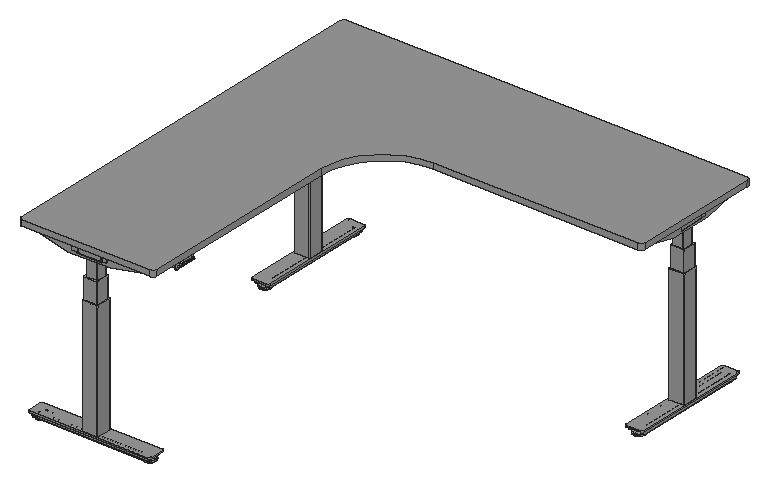
Revit family "3-Leg upCentric_72x72_Left", category Furniture, Revit 2014
Parameters
  baseHeight = 22.09281"
  Width = 29.6063"
  Total_Hieght = 32"
  Top_width = 48"
  Top_Depth = 30"
  Table_Top = Metal Top
  Length = 45.51181"
  Height = 30"
  Frame_Material = Metal Black
  Extend H = 0.24369"
  E Rdaius = 11"
  D_Length = 23"
  C_Length = 32"
  Button_right [instance] = yes
  Button_left [instance] = no
  BoltH = 0.09503"
  BoltEnd = 2.53949"
  BLength = 65"
  ALength = 48"
Reference planes (in)
  plane 1 "Center Front/Back": y = 0
  plane 2: z = 0
  plane 3 "Center Left/Right": x = 0
Dimensions and locks (in)
  nested 1 to nested 1 = 72"  (x2)
  nested 1 to nested 1 = 24"
  aligned and locked: level to plane 2
Nested families (in)
  nested 1: "3-Leg upCentric_72x72_Left" at (0, 0, 0), Button_right <- "Button_right", Button_left <- "Button_left", type "48"x60"x24"x30"x11""
    with Button_right yes, Button_left no
Definition of nested family "3-Leg upCentric_72x72_Left"
  Parameters (values of type "48"x60"x24"x30"x11"")
    Width = 29.6063"
    TotalHeight = 32"
    TopWidth = 48"
    TopDepth = 30"
    TableTop = Metal Top
    Length = 45.51181"
    Hieght = 30"
    Frame = Metal Black
    Extend H = 0.24369"
    E Radius = 11"
    D Length = 23"
    ControlDirection = DarkGreen
    Control Screen = Default
    Control = Black
    C Length = 32"
    Button_right [instance] = yes
    Button_left [instance] = yes
    BoltH = 0.09503"
    BoltEnd = 2.53949"
    BaseHeight = 22.09281"
    B Length = 65"
    A Length = 48"
  Reference planes (in)
    plane 1 "Center (Front/Back)": y = 0
    plane 2: z = 0
    plane 3 "Center (Left/Right)": x = 0
    plane 4: x = 22.75591
    plane 5: x = -22.75591
    plane 6: y = 14.80315
    plane 7: y = -14.72441
    plane 8: x = -24
    plane 9: x = 24
    plane 10: z = 31
    plane 11: z = 32
    plane 12: y = 17.08643
    plane 13: z = 22.09281
    plane 14: z = 25.76029
    plane 15: z = 30.2126
    plane 16: z = 29.42777
    plane 17: z = 30.35564
    plane 18: y = -1.72123
    plane 19: y = -1.63294
    plane 20: y = -1.64701
    plane 21: y = -1.60169
    plane 22: y = -15.41357
    plane 23: y = -45.82715
    plane 24: y = -47.91357
    plane 25: y = -14.91357
    plane 26: x = -1
    plane 27: y = -14.33914
    plane 28: y = -44.60821
    plane 29: z = 30.90497
    plane 30: x = 57.5
  Forms (in)
    Extrusion 1, solid, material "Metal Black" <- "Frame"
      sketch origin (0, 0, 4.44291) x (-1, 0, 0) y (0, 0, -1)
        loop
          line (15.90551, -24.57874) -> (15.90551, -24.73622) -> (15.70866, -24.73622)
          arc (15.70866, -24.73622) -> (15.59731, -24.78235) -> (15.55118, -24.8937) r 0.15748
          line (15.55118, -24.8937) -> (15.55118, -25.70079) -> (16.155, -26.52041)
          arc (16.155, -26.52041) -> (16.18094, -26.54327) -> (16.21263, -26.55709) r 0.11146
          line (16.21263, -26.55709) -> (22.75591, -26.55709) -> (22.75591, -24.8937)
          arc (22.75591, -24.8937) -> (22.70978, -24.78235) -> (22.59843, -24.73622) r 0.15748
          line (22.59843, -24.73622) -> (22.55906, -24.73622) -> (22.55906, -24.57874) -> (15.90551, -24.57874)
      from -2.18504 to 2.14567
    Extrusion 2, void
      sketch origin (5.5, 0, 4.44291) x (-1, 0, 0) y (0, 0, -1)
        loop
          circle (21.46531, -25.93852) r 0.31475
      from -3.16929 to 3.12992
    Extrusion 3, solid, material "Metal Black" <- "Frame"
      sketch origin (0, 0, 4.43307) x (0, 1, 0) y (0, 0, 1)
        loop
          arc (-3.01602, 25.11024) -> (-2.98143, 25.02672) -> (-2.89791, 24.99213) r 0.11811
          line (-2.89791, 24.99213) -> (-2.14988, 24.99213)
          arc (-2.14988, 24.99213) -> (-2.06637, 25.02672) -> (-2.03177, 25.11024) r 0.11811
          line (-2.03177, 25.11024) -> (-2.03177, 26.44882)
          arc (-2.03177, 26.44882) -> (-2.06637, 26.53234) -> (-2.14988, 26.56693) r 0.11811
          line (-2.14988, 26.56693) -> (-2.89791, 26.56693)
          arc (-2.89791, 26.56693) -> (-2.98143, 26.53234) -> (-3.01602, 26.44882) r 0.11811
          line (-3.01602, 26.44882) -> (-3.01602, 25.11024)
      from -22.44094 to 46.38035
    Extrusion 4, solid, material "Metal Black" <- "Frame"
      sketch origin (0, 0.03993, 4.43307) x (0, -1, 0) y (0, 0, -1)
        loop
          line (-3.05118, -25.11024) -> (-3.05118, -26.44882)
          arc (-3.05118, -26.44882) -> (-3.01659, -26.53234) -> (-2.93307, -26.56693) r 0.11811
          line (-2.93307, -26.56693) -> (-2.18504, -26.56693)
          arc (-2.18504, -26.56693) -> (-2.10152, -26.53234) -> (-2.06693, -26.44882) r 0.11811
          line (-2.06693, -26.44882) -> (-2.06693, -25.11024)
          arc (-2.06693, -25.11024) -> (-2.10152, -25.02672) -> (-2.18504, -24.99213) r 0.11811
          line (-2.18504, -24.99213) -> (-2.93307, -24.99213)
          arc (-2.93307, -24.99213) -> (-3.01659, -25.02672) -> (-3.05118, -25.11024) r 0.11811
      from -22.44094 to 46.5
    Extrusion 5, void
      sketch origin (-5.5, 0, 4.43307) x (1, 0, 0) y (0, 0, 1)
        loop
          circle (21.46531, 25.93852) r 0.31475
      from -3.16929 to 3.12992
    Extrusion 6, void
      sketch origin (-6.58004, 0, 4.68242) x (1, 0, 0) y (0, 0, 1)
        loop
          line (21.05249, 26.34135) -> (20.84776, 26.34135) -> (20.84776, 26.19947)
          arc (20.84776, 26.19947) -> (20.95012, 26.09711) -> (21.05249, 26.19947) r 0.10236
          line (21.05249, 26.19947) -> (21.05249, 26.34135)
      from 1.94842 to 3.17104
    Extrusion 7, solid, material "Metal Black" <- "Frame"
      sketch origin (0, 0, 4.51181) x (1, 0, 0) y (0, 0, 1)
        loop
          line (2.58308, 24.92827) -> (11.1992, 24.92827)
          arc (11.1992, 24.92827) -> (11.50066, 25.05314) -> (11.62553, 25.35459) r 0.42633
          arc (11.62553, 25.35459) -> (11.6249, 25.39723) -> (11.62576, 25.43986) r 1.2294
          arc (11.62576, 25.43986) -> (11.63185, 25.66647) -> (11.6341, 25.89316) r 13.43424
          arc (11.6341, 25.89316) -> (11.63916, 26.171) -> (11.63313, 26.44882) r 6.97209
          arc (11.63313, 26.44882) -> (11.6216, 26.47666) -> (11.59376, 26.48819) r 0.03937
          line (11.59376, 26.48819) -> (2.18104, 26.48819)
          arc (2.18104, 26.48819) -> (2.15321, 26.47666) -> (2.14167, 26.44882) r 0.03937
          line (2.14167, 26.44882) -> (2.13401, 26.22943) -> (2.14915, 25.3622)
          arc (2.14915, 25.3622) -> (2.27625, 25.05536) -> (2.58308, 24.92827) r 0.43393
      from -2.1063 to 2.14567
    Extrusion 8, void
      sketch origin (0, 0, 26.52322) x (0, 1, 0) y (1, 0, 0)
        loop
          circle (-1.48893, 12.86331) r 0.14857
      from -4.47678 to -2.90455
    Extrusion 9, void
      sketch origin (0, 0.03125, 26.52322) x (0, 1, 0) y (1, 0, 0)
        loop
          circle (1.48893, 12.86331) r 0.14857
      from -4.47678 to -2.90455
    Extrusion 10, void
      sketch origin (-4.60752, 0, 26.52322) x (0, 1, 0) y (1, 0, 0)
        loop
          circle (-1.48893, 11.23831) r 0.14857
      from -4.47678 to -2.90197
    Extrusion 11, void
      sketch origin (-4.60752, 0.03125, 26.52322) x (0, 1, 0) y (1, 0, 0)
        loop
          circle (1.48893, 11.23831) r 0.14857
      from -4.47678 to -2.90455
    Extrusion 12, void
      sketch origin (-8.70258, 0, 26.52322) x (0, 1, 0) y (1, 0, 0)
        loop
          circle (-1.48893, 11.23831) r 0.14857
      from -4.47678 to -2.90455
    Extrusion 13, void
      sketch origin (-8.70258, 0.03125, 26.52322) x (0, 1, 0) y (1, 0, 0)
        loop
          circle (1.48893, 11.23831) r 0.14857
      from -4.47678 to -2.90455
    Extrusion 14, solid, material "Metal Black" <- "Frame"
      sketch origin (21.43604, -180, 28.36548) x (-1, 0, 0) y (0, -1, 0)
        loop
          arc (21.78856, -177.10209) -> (21.85712, -177.13048) -> (21.88551, -177.19904) r 0.09696
          line (21.88551, -177.19904) -> (21.88551, -178.54113)
          arc (21.88551, -178.54113) -> (21.85605, -178.61227) -> (21.78491, -178.64173) r 0.1006
          line (21.78491, -178.64173) -> (22.6201, -178.64173)
          arc (22.6201, -178.64173) -> (22.55375, -178.61425) -> (22.52626, -178.5479) r 0.09384
          line (22.52626, -178.5479) -> (22.52626, -177.23594)
          arc (22.52626, -177.23594) -> (22.56547, -177.14129) -> (22.66012, -177.10209) r 0.13385
          line (22.66012, -177.10209) -> (21.78856, -177.10209)
        loop
          circle (21.39442, -178.27877) r 0.1198
      from 2.53949 to 2.63452
    Revolve 15, solid, material "Metal Black" <- "Frame"
      sketch origin (0.16142, -1.72123, 52.45252) x (-1, 0, 0) y (0, 0, 1)
        loop
          line (0.00019, -21.37402) -> (-0.11411, -21.37402) -> (-0.13777, -21.39768) -> (-0.13777, -21.45276) -> (0.00019, -21.45276) -> (0.00019, -21.37402)
        axis (0.12467, -21.45276) -> (0.12467, -21.37402)
      angle from 0 to 360
    Extrusion 16, solid, material "Metal Black" <- "Frame"
      sketch origin (17.40479, -180, 28.36548) x (-1, 0, 0) y (0, -1, 0)
        loop
          line (21.77725, -177.72439) -> (20.98984, -177.72439) -> (20.98984, -178.66601)
          arc (20.98984, -178.66601) -> (21.01733, -178.73236) -> (21.08368, -178.75984) r 0.09384
          line (21.08368, -178.75984) -> (21.67665, -178.75984)
          arc (21.67665, -178.75984) -> (21.74778, -178.73038) -> (21.77725, -178.65924) r 0.1006
          line (21.77725, -178.65924) -> (21.77725, -177.72439)
        loop
          circle (21.38661, -178.36862) r 0.1198
      from 2.53949 to 2.63452
    Revolve 17, solid, material "Metal Black" <- "Frame"
      sketch origin (-3.70548, -1.63294, 48) x (1, 0, 0) y (0, 0, 1)
        loop
          line (-0.14892, -16.92149) -> (-0.14892, -17.00023) -> (-0.01095, -17.00023) -> (-0.01095, -16.94516) -> (-0.03462, -16.92149) -> (-0.14892, -16.92149)
        axis (-0.2734, -17.00023) -> (-0.2734, -16.92149)
      angle from 0 to 360
    Extrusion 18, solid, material "Metal Black" <- "Frame"
      sketch origin (21.38917, 180.10938, 28.36548) x (-1, 0, 0) y (0, -1, 0)
        loop
          line (21.78856, 177.06693) -> (22.66012, 177.06693)
          arc (22.66012, 177.06693) -> (22.56547, 177.10613) -> (22.52626, 177.20078) r 0.13385
          line (22.52626, 177.20078) -> (22.52626, 178.5479)
          arc (22.52626, 178.5479) -> (22.55375, 178.61425) -> (22.6201, 178.64173) r 0.09384
          line (22.6201, 178.64173) -> (21.78491, 178.64173)
          arc (21.78491, 178.64173) -> (21.85605, 178.61227) -> (21.88551, 178.54113) r 0.1006
          line (21.88551, 178.54113) -> (21.88551, 177.16389)
          arc (21.88551, 177.16389) -> (21.85712, 177.09533) -> (21.78856, 177.06693) r 0.09696
        loop
          circle (21.39442, 178.24362) r 0.1198
      from 2.53949 to 2.63452
    Revolve 19, solid, material "Metal Black" <- "Frame"
      sketch origin (0.11455, 1.86576, 52.45252) x (-1, 0, 0) y (0, 0, -1)
        loop
          line (0.00019, 21.37402) -> (0.00019, 21.45276) -> (-0.13777, 21.45276) -> (-0.13777, 21.39768) -> (-0.11411, 21.37402) -> (0.00019, 21.37402)
        axis (0.12467, 21.45276) -> (0.12467, 21.37402)
      angle from 0 to 360
    Extrusion 20, solid, material "Metal Black" <- "Frame"
      sketch origin (-23.96259, 180.12106, 28.36548) x (1, 0, 0) y (0, 1, 0)
        loop
          line (21.77725, -177.68923) -> (20.98984, -177.68923) -> (20.98984, -178.66601)
          arc (20.98984, -178.66601) -> (21.01733, -178.73236) -> (21.08368, -178.75984) r 0.09384
          line (21.08368, -178.75984) -> (21.67665, -178.75984)
          arc (21.67665, -178.75984) -> (21.74778, -178.73038) -> (21.77725, -178.65924) r 0.1006
          line (21.77725, -178.65924) -> (21.77725, -177.68923)
        loop
          circle (21.38661, -178.36862) r 0.1198
      from 2.53949 to 2.63452
    Revolve 21, solid, material "Metal Black" <- "Frame"
      sketch origin (-2.85233, 1.754, 48) x (-1, 0, 0) y (0, 0, 1)
        loop
          line (-0.14892, -16.92149) -> (-0.14892, -17.00023) -> (-0.01095, -17.00023) -> (-0.01095, -16.94516) -> (-0.03462, -16.92149) -> (-0.14892, -16.92149)
        axis (-0.2734, -17.00023) -> (-0.2734, -16.92149)
      angle from 0 to 360
    Extrusion 22, solid, material "Metal Black" <- "Frame"
      sketch origin (-12.69726, -23.26476, 4.43307) x (-1, 0, 0) y (0, 0, 1)
        loop
          arc (-3.05118, 25.11024) -> (-3.01659, 25.02672) -> (-2.93307, 24.99213) r 0.11811
          line (-2.93307, 24.99213) -> (-2.18504, 24.99213)
          arc (-2.18504, 24.99213) -> (-2.10152, 25.02672) -> (-2.06693, 25.11024) r 0.11811
          line (-2.06693, 25.11024) -> (-2.06693, 26.44882)
          arc (-2.06693, 26.44882) -> (-2.10152, 26.53234) -> (-2.18504, 26.56693) r 0.11811
          line (-2.18504, 26.56693) -> (-2.93307, 26.56693)
          arc (-2.93307, 26.56693) -> (-3.01659, 26.53234) -> (-3.05118, 26.44882) r 0.11811
          line (-3.05118, 26.44882) -> (-3.05118, 25.11024)
      from -35.86098 to 20.2815
    Extrusion 23, solid, material "Metal Black" <- "Frame"
      sketch origin (-12.69716, -23.26476, 4.43307) x (1, 0, 0) y (0, 0, -1)
        loop
          line (-3.05118, -25.11024) -> (-3.05118, -26.44882)
          arc (-3.05118, -26.44882) -> (-3.01659, -26.53234) -> (-2.93307, -26.56693) r 0.11811
          line (-2.93307, -26.56693) -> (-2.18504, -26.56693)
          arc (-2.18504, -26.56693) -> (-2.10152, -26.53234) -> (-2.06693, -26.44882) r 0.11811
          line (-2.06693, -26.44882) -> (-2.06693, -25.11281)
          arc (-2.06693, -25.11281) -> (-2.10152, -25.02929) -> (-2.18504, -24.9947) r 0.11811
          line (-2.18504, -24.9947) -> (-2.93307, -24.9947)
          arc (-2.93307, -24.9947) -> (-3.01659, -25.02929) -> (-3.05118, -25.11281) r 0.11811
      from -35.86098 to 20.2815
    Extrusion 24, solid, material "Metal Black" <- "Frame"
      sketch origin (167.32659, -4.05756, 28.36548) x (0, -1, 0) y (1, 0, 0)
        loop
          line (21.78594, -177.85433) -> (20.99854, -177.85433) -> (20.99854, -179.84404)
          arc (20.99854, -179.84404) -> (21.05622, -179.98329) -> (21.19547, -180.04097) r 0.19693
          line (21.19547, -180.04097) -> (21.59326, -180.04097)
          arc (21.59326, -180.04097) -> (21.72951, -179.98453) -> (21.78594, -179.84828) r 0.19269
          line (21.78594, -179.84828) -> (21.78594, -177.85433)
        loop
          circle (21.39442, -178.36862) r 0.1198
        loop
          circle (21.39186, -179.62832) r 0.07775
      from 2.53949 to 2.63452
    Revolve 25, solid, material "Metal Black" <- "Frame"
      sketch origin (-11.0264, -25.23843, 52.45252) x (0, -1, 0) y (0, 0, 1)
        loop
          line (0.09394, -21.37402) -> (-0.02036, -21.37402) -> (-0.04402, -21.39768) -> (-0.04402, -21.45276) -> (0.09394, -21.45276) -> (0.09394, -21.37402)
        axis (0.21842, -21.45276) -> (0.21842, -21.37402)
      angle from 0 to 360
    Extrusion 26, solid, material "Metal Black" <- "Frame"
      sketch origin (23.97224, 179.71928, 28.36548) x (-1, 0, 0) y (0, -1, 0)
        loop
          line (23.41094, 177.46738) -> (23.41094, 179.47719)
          arc (23.41094, 179.47719) -> (23.35451, 179.61344) -> (23.21826, 179.66988) r 0.19269
          line (23.21826, 179.66988) -> (22.82047, 179.66988)
          arc (22.82047, 179.66988) -> (22.68122, 179.6122) -> (22.62354, 179.47295) r 0.19693
          line (22.62354, 179.47295) -> (22.62354, 177.46738) -> (23.41094, 177.46738)
        loop
          circle (23.01942, 177.97799) r 0.1198
        loop
          circle (23.01686, 179.25722) r 0.07775
      from 2.53949 to 2.63452
    Revolve 27, solid, material "Metal Black" <- "Frame"
      sketch origin (2.79137, 1.74129, 52.45252) x (-1, 0, 0) y (0, 0, -1)
        loop
          line (1.71894, 21.37402) -> (1.71894, 21.45276) -> (1.58098, 21.45276) -> (1.58098, 21.39768) -> (1.60464, 21.37402) -> (1.71894, 21.37402)
        axis (1.84342, 21.45276) -> (1.84342, 21.37402)
      angle from 0 to 360
    Extrusion 28, solid, material "Metal Black" <- "Frame"
      sketch origin (23.96338, -180, 28.36548) x (-1, 0, 0) y (0, -1, 0)
        loop
          line (23.40225, -177.91804) -> (22.61484, -177.91804) -> (22.61484, -178.68944)
          arc (22.61484, -178.68944) -> (22.64233, -178.7558) -> (22.70868, -178.78328) r 0.09384
          line (22.70868, -178.78328) -> (23.30165, -178.78328)
          arc (23.30165, -178.78328) -> (23.37278, -178.75382) -> (23.40225, -178.68268) r 0.1006
          line (23.40225, -178.68268) -> (23.40225, -177.91804)
        loop
          circle (23.01161, -178.39205) r 0.1198
      from 2.53949 to 2.63452
    Revolve 29, solid, material "Metal Black" <- "Frame"
      sketch origin (2.91171, -1.60169, 48) x (1, 0, 0) y (0, 0, 1)
        loop
          line (-1.83251, -16.92149) -> (-1.83251, -17.00023) -> (-1.69455, -17.00023) -> (-1.69455, -16.94516) -> (-1.71821, -16.92149) -> (-1.83251, -16.92149)
        axis (-1.95699, -17.00023) -> (-1.95699, -16.92149)
      angle from 0 to 360
    Extrusion 30, solid, material "Metal Black" <- "Frame"
      sketch origin (-34.89677, -179.97348, 28.36548) x (1, 0, 0) y (0, 1, 0)
        loop
          line (21.77725, 177.68923) -> (21.77725, 178.65924)
          arc (21.77725, 178.65924) -> (21.74778, 178.73038) -> (21.67665, 178.75984) r 0.1006
          line (21.67665, 178.75984) -> (21.08368, 178.75984)
          arc (21.08368, 178.75984) -> (21.01733, 178.73236) -> (20.98984, 178.66601) r 0.09384
          line (20.98984, 178.66601) -> (20.98984, 177.68923) -> (21.77725, 177.68923)
        loop
          circle (21.38661, 178.36862) r 0.1198
      from 2.63452 to 2.53949
    Revolve 31, solid, material "Metal Black" <- "Frame"
      sketch origin (-13.7865, -1.60642, 48) x (-1, 0, 0) y (0, 0, -1)
        loop
          line (-0.14892, 16.92149) -> (-0.03462, 16.92149) -> (-0.01095, 16.94516) -> (-0.01095, 17.00023) -> (-0.14892, 17.00023) -> (-0.14892, 16.92149)
        axis (-0.2734, 17.00023) -> (-0.2734, 16.92149)
      angle from 0 to 360
    Extrusion 32, solid, material "Metal Black" <- "Frame"
      sketch origin (7.8663, 179.79688, 28.36548) x (-1, 0, 0) y (0, -1, 0)
        loop
          line (21.78594, 177.54392) -> (21.78594, 179.55141)
          arc (21.78594, 179.55141) -> (21.72951, 179.68766) -> (21.59326, 179.74409) r 0.19269
          line (21.59326, 179.74409) -> (21.19547, 179.74409)
          arc (21.19547, 179.74409) -> (21.05622, 179.68642) -> (20.99854, 179.54717) r 0.19693
          line (20.99854, 179.54717) -> (20.99854, 177.54392) -> (21.78594, 177.54392)
        loop
          circle (21.39442, 178.0483) r 0.1198
        loop
          circle (21.39186, 179.33144) r 0.07775
      from 2.63452 to 2.53949
    Revolve 33, solid, material "Metal Black" <- "Frame"
      sketch origin (-13.31457, 1.74076, 52.45252) x (-1, 0, 0) y (0, 0, -1)
        loop
          line (0.09394, 21.37402) -> (0.09394, 21.45276) -> (-0.04402, 21.45276) -> (-0.04402, 21.39768) -> (-0.02036, 21.37402) -> (0.09394, 21.37402)
        axis (0.21842, 21.45276) -> (0.21842, 21.37402)
      angle from 0 to 360
    Extrusion 34, solid, material "Metal Black" <- "Frame"
      sketch origin (166.952, -46.85282, 28.36548) x (0, 1, 0) y (-1, 0, 0)
        loop
          line (21.78594, 177.46738) -> (21.78594, 179.47719)
          arc (21.78594, 179.47719) -> (21.72951, 179.61344) -> (21.59326, 179.66988) r 0.19269
          line (21.59326, 179.66988) -> (21.19547, 179.66988)
          arc (21.19547, 179.66988) -> (21.05622, 179.6122) -> (20.99854, 179.47295) r 0.19693
          line (20.99854, 179.47295) -> (20.99854, 177.46738) -> (21.78594, 177.46738)
        loop
          circle (21.39442, 177.97799) r 0.1198
        loop
          circle (21.39186, 179.25722) r 0.07775
      from 2.63452 to 2.53949
    Revolve 35, solid, material "Metal Black" <- "Frame"
      sketch origin (-11.02599, -25.67195, 52.45252) x (0, 1, 0) y (0, 0, -1)
        loop
          line (0.09394, 21.37402) -> (0.09394, 21.45276) -> (-0.04402, 21.45276) -> (-0.04402, 21.39768) -> (-0.02036, 21.37402) -> (0.09394, 21.37402)
        axis (0.21842, 21.45276) -> (0.21842, 21.37402)
      angle from 0 to 360
    Extrusion 36, solid, material "Metal Black" <- "Frame"
      sketch origin (167.34221, -1.47394, 28.36548) x (0, -1, 0) y (1, 0, 0)
        loop
          line (21.78856, -177.05521) -> (21.03512, -177.05521)
          arc (21.03512, -177.05521) -> (20.94047, -177.09442) -> (20.90126, -177.18907) r 0.13385
          line (20.90126, -177.18907) -> (20.90126, -178.5479)
          arc (20.90126, -178.5479) -> (20.92875, -178.61425) -> (20.9951, -178.64173) r 0.09384
          line (20.9951, -178.64173) -> (21.78491, -178.64173)
          arc (21.78491, -178.64173) -> (21.85605, -178.61227) -> (21.88551, -178.54113) r 0.1006
          line (21.88551, -178.54113) -> (21.88551, -177.15217)
          arc (21.88551, -177.15217) -> (21.85712, -177.08361) -> (21.78856, -177.05521) r 0.09696
        loop
          circle (21.39442, -178.24752) r 0.1198
      from 2.53949 <- "BoltEnd" to 2.63452
    Revolve 37, solid, material "Metal Black" <- "Frame"
      sketch origin (-10.8975, -22.74856, 52.45252) x (0, -1, 0) y (0, 0, 1)
        loop
          line (0.00019, -21.37402) -> (-0.11411, -21.37402) -> (-0.13777, -21.39768) -> (-0.13777, -21.45276) -> (0.00019, -21.45276) -> (0.00019, -21.37402)
        axis (0.12467, -21.45276) -> (0.12467, -21.37402)
      angle from 0 to 360
    Extrusion 38, solid, material "Metal Black" <- "Frame"
      sketch origin (-192.73613, -1.47394, 28.36548) x (0, -1, 0) y (1, 0, 0)
        loop
          arc (21.78856, 177.05521) -> (21.85712, 177.08361) -> (21.88551, 177.15217) r 0.09696
          line (21.88551, 177.15217) -> (21.88551, 178.54113)
          arc (21.88551, 178.54113) -> (21.85605, 178.61227) -> (21.78491, 178.64173) r 0.1006
          line (21.78491, 178.64173) -> (20.9951, 178.64173)
          arc (20.9951, 178.64173) -> (20.92875, 178.61425) -> (20.90126, 178.5479) r 0.09384
          line (20.90126, 178.5479) -> (20.90126, 177.18907)
          arc (20.90126, 177.18907) -> (20.94047, 177.09442) -> (21.03512, 177.05521) r 0.13385
          line (21.03512, 177.05521) -> (21.78856, 177.05521)
        loop
          circle (21.39442, 178.24752) r 0.1198
      from 2.63452 to 2.53949
    Revolve 39, solid, material "Metal Black" <- "Frame"
      sketch origin (-14.49642, -22.74856, 52.45252) x (0, -1, 0) y (0, 0, -1)
        loop
          line (0.00019, 21.37402) -> (0.00019, 21.45276) -> (-0.13777, 21.45276) -> (-0.13777, 21.39768) -> (-0.11411, 21.37402) -> (0.00019, 21.37402)
        axis (0.12467, 21.45276) -> (0.12467, 21.37402)
      angle from 0 to 360
    Extrusion 40, solid, material "Metal Black" <- "Frame"
      sketch origin (-192.61113, -4.05327, 28.36548) x (0, -1, 0) y (1, 0, 0)
        loop
          line (21.79023, 177.56938) -> (21.79023, 178.53385)
          arc (21.79023, 178.53385) -> (21.76076, 178.60498) -> (21.68963, 178.63445) r 0.1006
          line (21.68963, 178.63445) -> (21.09666, 178.63445)
          arc (21.09666, 178.63445) -> (21.03031, 178.60696) -> (21.00282, 178.54061) r 0.09384
          line (21.00282, 178.54061) -> (21.00282, 177.56938) -> (21.79023, 177.56938)
        loop
          circle (21.39442, 178.24752) r 0.1198
      from 2.63452 to 2.53949
    Revolve 41, solid, material "Metal Black" <- "Frame"
      sketch origin (-14.37142, -25.32789, 52.45252) x (0, -1, 0) y (0, 0, -1)
        loop
          line (0.00019, 21.37402) -> (0.00019, 21.45276) -> (-0.13777, 21.45276) -> (-0.13777, 21.39768) -> (-0.11411, 21.37402) -> (0.00019, 21.37402)
        axis (0.12467, 21.45276) -> (0.12467, 21.37402)
      angle from 0 to 360
    Revolve 42, solid, material "Metal Black" <- "Frame"
      sketch origin (-14.36894, -36.62032, 52.45252) x (0, 1, 0) y (0, 0, 1)
        loop
          line (-5.49249, -21.37402) -> (-5.60679, -21.37402) -> (-5.63045, -21.39768) -> (-5.63045, -21.45276) -> (-5.49249, -21.45276) -> (-5.49249, -21.37402)
        axis (-5.368, -21.45276) -> (-5.368, -21.37402)
      angle from 0 to 360
    Revolve 43, solid, material "Metal Black" <- "Frame"
      sketch origin (-14.36936, -36.1868, 52.45252) x (0, -1, 0) y (0, 0, -1)
        loop
          line (5.68037, 21.37402) -> (5.68037, 21.45276) -> (5.5424, 21.45276) -> (5.5424, 21.39768) -> (5.56607, 21.37402) -> (5.68037, 21.37402)
        axis (5.80485, 21.45276) -> (5.80485, 21.37402)
      angle from 0 to 360
    Extrusion 44, solid, material "Metal Black" <- "Frame"
      sketch origin (167.21682, -57.79142, 28.36548) x (0, 1, 0) y (-1, 0, 0)
        loop
          line (16.2038, 177.56938) -> (16.2038, 178.51739)
          arc (16.2038, 178.51739) -> (16.16951, 178.60016) -> (16.08674, 178.63445) r 0.11706
          line (16.08674, 178.63445) -> (15.53333, 178.63445)
          arc (15.53333, 178.63445) -> (15.45065, 178.6002) -> (15.4164, 178.51751) r 0.11693
          line (15.4164, 178.51751) -> (15.4164, 177.56938) -> (16.2038, 177.56938)
        loop
          circle (15.80799, 178.24752) r 0.1198
      from 2.53949 to 2.63452
    Revolve 45, solid, material "Metal Black" <- "Frame"
      sketch origin (-11.02289, -36.5168, 52.45252) x (0, 1, 0) y (0, 0, -1)
        loop
          line (-5.58624, 21.37402) -> (-5.58624, 21.45276) -> (-5.7242, 21.45276) -> (-5.7242, 21.39768) -> (-5.70054, 21.37402) -> (-5.58624, 21.37402)
        axis (-5.46175, 21.45276) -> (-5.46175, 21.37402)
      angle from 0 to 360
    Revolve 46, solid, material "Metal Black" <- "Frame"
      sketch origin (-22.54052, -58.69786, 52.44291) x (-1, 0, 0) y (0, 0, -1)
        loop
          line (-2.2445, 21.35433) -> (-2.12887, 21.35433) -> (-2.10624, 21.37696) -> (-2.10624, 21.44291) -> (-2.2445, 21.44291) -> (-2.2445, 21.35433)
        axis (-2.3622, 21.35433) -> (-2.3622, 21.44291)
      angle from 0 to 360
    Revolve 47, solid, material "Metal Black" <- "Frame"
      sketch origin (-18.59925, -58.69786, 52.44291) x (-1, 0, 0) y (0, 0, -1)
        loop
          line (-2.2445, 21.35433) -> (-2.12887, 21.35433) -> (-2.10624, 21.37696) -> (-2.10624, 21.44291) -> (-2.2445, 21.44291) -> (-2.2445, 21.35433)
        axis (-2.3622, 21.35433) -> (-2.3622, 21.44291)
      angle from 0 to 360
    Extrusion 48, solid, material "Metal Top" <- "TableTop"
      sketch origin (20.90479, -185.5, 23.91273) x (-1, 0, 0) y (0, -1, 0)
        loop
          line (45.15479, -196.34815) -> (45.15479, -125.82471)
          arc (45.15479, -125.82471) -> (44.93855, -125.30266) -> (44.41651, -125.08643) r 0.73828
          line (44.41651, -125.08643) -> (21.89307, -125.08643)
          arc (21.89307, -125.08643) -> (21.37103, -125.30266) -> (21.15479, -125.82471) r 0.73828
          line (21.15479, -125.82471) -> (21.15479, -162.08643)
          arc (21.15479, -162.08643) -> (17.93297, -169.8646) -> (10.15479, -173.08643) r 11
          line (10.15479, -173.08643) -> (-26.10514, -173.08643)
          arc (-26.10514, -173.08643) -> (-26.62845, -173.30319) -> (-26.84521, -173.8265) r 0.74007
          line (-26.84521, -173.8265) -> (-26.84521, -196.34815)
          arc (-26.84521, -196.34815) -> (-26.62897, -196.87019) -> (-26.10693, -197.08643) r 0.73828
          line (-26.10693, -197.08643) -> (44.41651, -197.08643)
          arc (44.41651, -197.08643) -> (44.93855, -196.87019) -> (45.15479, -196.34815) r 0.73828
      from 7.08727 to 8.08727
    Extrusion 49, solid, material "Metal Black" <- "Frame"
      sketch origin (5.74391, 0.03858, 0) x (-1, 0, 0) y (0, -1, 0)
        loop
          arc (25.70374, 1.41734) -> (25.62072, 1.38295) -> (25.58634, 1.29993) r 0.11741
          line (25.58634, 1.29993) -> (25.58635, -1.22117)
          arc (25.58635, -1.22117) -> (25.62073, -1.30418) -> (25.70374, -1.33857) r 0.11739
          line (25.70374, -1.33857) -> (28.22492, -1.33857)
          arc (28.22492, -1.33857) -> (28.30795, -1.30418) -> (28.34233, -1.22116) r 0.11741
          line (28.34233, -1.22116) -> (28.34233, 1.29994)
          arc (28.34233, 1.29994) -> (28.30795, 1.38295) -> (28.22494, 1.41734) r 0.11739
          line (28.22494, 1.41734) -> (25.70374, 1.41734)
      from 1.25984 to 22.01141
    Sweep 50, solid, material "Metal Black" <- "Frame"
      path origin (5.74391, 0.03858, 22.01141) x (-1, 0, 0) y (0, -1, 0)
        loop
          arc (25.71906, 1.30529) -> (25.70447, 1.29925) -> (25.69843, 1.28467) r 0.02062
          line (25.69843, 1.28467) -> (25.69843, -1.18872)
          arc (25.69843, -1.18872) -> (25.70942, -1.21526) -> (25.73596, -1.22625) r 0.03753
          line (25.73596, -1.22625) -> (28.20973, -1.22625)
          arc (28.20973, -1.22625) -> (28.22385, -1.22041) -> (28.2297, -1.20629) r 0.01997
          line (28.2297, -1.20629) -> (28.2297, 1.27292)
          arc (28.2297, 1.27292) -> (28.22022, 1.29581) -> (28.19732, 1.30529) r 0.03238
          line (28.19732, 1.30529) -> (25.71906, 1.30529)
      profile origin (-21.21428, -1.26672, 22.01141) x (0, -1, 0) y (0, 0, 1)
        loop
          line (0.11204, 0) -> (0, 0.0814) -> (0, 0) -> (0.11204, 0)
    Extrusion 51, solid, material "Metal Black" <- "Frame"
      sketch origin (5.74391, 0.03858, 22.01141) x (-1, 0, 0) y (0, -1, 0)
        loop
          arc (25.81982, 1.25186) -> (25.77169, 1.23193) -> (25.75175, 1.18379) r 0.06807
          line (25.75175, 1.18379) -> (25.75175, -1.10374)
          arc (25.75175, -1.10374) -> (25.77209, -1.15284) -> (25.82118, -1.17317) r 0.06943
          line (25.82118, -1.17317) -> (28.10679, -1.17317)
          arc (28.10679, -1.17317) -> (28.15636, -1.15264) -> (28.17689, -1.10307) r 0.0701
          line (28.17689, -1.10307) -> (28.17689, 1.18184)
          arc (28.17689, 1.18184) -> (28.15638, 1.23135) -> (28.10686, 1.25186) r 0.07003
          line (28.10686, 1.25186) -> (25.81982, 1.25186)
      from 0.0814 to 3.74888
    Extrusion 52, solid, material "Metal Black" <- "Frame"
      sketch origin (5.74391, 0.03858, 22.01141) x (-1, 0, 0) y (0, -1, 0)
        loop
          arc (26.09801, 1.02362) -> (26.01466, 0.98909) -> (25.98013, 0.90574) r 0.11789
          line (25.98013, 0.90574) -> (25.98013, -0.82674)
          arc (25.98013, -0.82674) -> (26.01473, -0.91028) -> (26.09827, -0.94488) r 0.11814
          line (26.09827, -0.94488) -> (27.82971, -0.94488)
          arc (27.82971, -0.94488) -> (27.9138, -0.91005) -> (27.94863, -0.82596) r 0.11892
          line (27.94863, -0.82596) -> (27.94863, 0.90625)
          arc (27.94863, 0.90625) -> (27.91425, 0.98924) -> (27.83126, 1.02362) r 0.11737
          line (27.83126, 1.02362) -> (26.09801, 1.02362)
      from 3.74888 to 7.41636
    Extrusion 53, solid, material "Metal Black" <- "Frame"
      sketch origin (5.74391, 0.03858, 22.01141) x (-1, 0, 0) y (0, -1, 0)
        loop
          arc (25.78246, 10.86615) -> (25.53249, 10.76261) -> (25.42895, 10.51263) r 0.35352
          line (25.42895, 10.51263) -> (25.42895, -10.43497)
          arc (25.42895, -10.43497) -> (25.53217, -10.68417) -> (25.78137, -10.7874) r 0.35242
          line (25.78137, -10.7874) -> (28.14646, -10.7874)
          arc (28.14646, -10.7874) -> (28.39632, -10.6839) -> (28.49981, -10.43404) r 0.35335
          line (28.49981, -10.43404) -> (28.49981, 10.5112)
          arc (28.49981, 10.5112) -> (28.39585, 10.76219) -> (28.14486, 10.86615) r 0.35495
          line (28.14486, 10.86615) -> (25.78246, 10.86615)
      from -20.94842 to -20.75157
    Revolve 54, solid, material "Metal Black" <- "Frame"
      sketch origin (-21.18264, -10.03967, 48) x (0, 1, 0) y (0, 0, 1)
        loop
          line (0.4725, -47.52744) -> (0.2357, -47.52744) -> (-0.48417, -47.75493)
          arc (-0.48417, -47.75493) -> (-0.50415, -47.76927) -> (-0.5118, -47.79264) r 0.03954
          line (-0.5118, -47.79264) -> (-0.5118, -47.96242)
          arc (-0.5118, -47.96242) -> (-0.50079, -47.98899) -> (-0.47422, -48) r 0.03758
          line (-0.47422, -48) -> (0.4725, -48) -> (0.4725, -47.52744)
        axis (0.4725, -47.52744) -> (0.4725, -48)
      angle from 0 to 360
    Revolve 55, solid, material "Metal Black" <- "Frame"
      sketch origin (-21.18264, 10.03869, 48) x (0, -1, 0) y (0, 0, -1)
        loop
          line (0.4725, 47.52744) -> (0.4725, 48) -> (-0.47422, 48)
          arc (-0.47422, 48) -> (-0.50079, 47.98899) -> (-0.5118, 47.96242) r 0.03758
          line (-0.5118, 47.96242) -> (-0.5118, 47.79264)
          arc (-0.5118, 47.79264) -> (-0.50415, 47.76927) -> (-0.48417, 47.75493) r 0.03954
          line (-0.48417, 47.75493) -> (0.2357, 47.52744) -> (0.4725, 47.52744)
        axis (0.4725, 47.52744) -> (0.4725, 48)
      angle from 0 to 360
    Extrusion 56, solid, material "Metal Black" <- "Frame"
      sketch origin (0.19531, 0.03858, 0) x (0, -1, 0) y (0, 0, 1)
        loop
          arc (-10.07388, 0.47221) -> (-10.04523, 0.44356) -> (-10.00609, 0.43307) r 0.07828
          line (-10.00609, 0.43307) -> (10.08632, 0.43307)
          arc (10.08632, 0.43307) -> (10.12418, 0.44322) -> (10.15189, 0.47093) r 0.07572
          line (10.15189, 0.47093) -> (10.49372, 1.06299) -> (-10.41497, 1.06299) -> (-10.07388, 0.47221)
      from 22.51969 to 22.71654
    Sweep 57, solid, material "Metal Black" <- "Frame"
      path origin (0.19531, 0.03858, 0) x (0, -1, 0) y (0, 0, 1)
        loop
          line (-10.4968, 1.20472) -> (-10.07388, 0.47221)
          arc (-10.07388, 0.47221) -> (-10.04523, 0.44356) -> (-10.00609, 0.43307) r 0.07828
          line (-10.00609, 0.43307) -> (10.08632, 0.43307)
          arc (10.08632, 0.43307) -> (10.12418, 0.44322) -> (10.15189, 0.47093) r 0.07572
          line (10.15189, 0.47093) -> (10.49372, 1.06299)
      profile origin (0.19531, -0.00154, 0.43307) x (0, 0, 1) y (-1, 0, 0)
        loop
          line (0, 22.51969) -> (0, 22.71654)
          arc (0, 22.71654) -> (-0.02784, 22.705) -> (-0.03937, 22.67717) r 0.03937
          line (-0.03937, 22.67717) -> (-0.03937, 22.55906)
          arc (-0.03937, 22.55906) -> (-0.02784, 22.53122) -> (0, 22.51969) r 0.03937
    Extrusion 58, solid, material "Metal Black" <- "Frame"
      sketch origin (-42.5606, 0.03858, 0) x (0, -1, 0) y (0, 0, -1)
        loop
          line (-10.07388, -0.47221) -> (-10.41497, -1.06299) -> (10.49372, -1.06299) -> (10.15189, -0.47093)
          arc (10.15189, -0.47093) -> (10.12418, -0.44322) -> (10.08632, -0.43307) r 0.07572
          line (10.08632, -0.43307) -> (-10.00609, -0.43307)
          arc (-10.00609, -0.43307) -> (-10.04523, -0.44356) -> (-10.07388, -0.47221) r 0.07828
      from 22.51969 to 22.71654
    Sweep 59, solid, material "Metal Black" <- "Frame"
      path origin (-42.5606, 0.03858, 0) x (0, -1, 0) y (0, 0, -1)
        loop
          line (-10.41497, -1.06299) -> (-10.07388, -0.47221)
          arc (-10.07388, -0.47221) -> (-10.04523, -0.44356) -> (-10.00609, -0.43307) r 0.07828
          line (-10.00609, -0.43307) -> (10.08632, -0.43307)
          arc (10.08632, -0.43307) -> (10.12418, -0.44322) -> (10.15189, -0.47093) r 0.07572
          line (10.15189, -0.47093) -> (10.49372, -1.06299)
      profile origin (-42.5606, -0.00154, 0.43307) x (0, 0, -1) y (1, 0, 0)
        loop
          arc (0, 22.51969) -> (0.02784, 22.53122) -> (0.03937, 22.55906) r 0.03937
          line (0.03937, 22.55906) -> (0.03937, 22.67717)
          arc (0.03937, 22.67717) -> (0.02784, 22.705) -> (0, 22.71654) r 0.03937
          line (0, 22.71654) -> (0, 22.51969)
    Extrusion 60, solid, material "Metal Black" <- "Frame"
      sketch origin (5.74391, 0.03858, 0) x (-1, 0, 0) y (0, 0, 1)
        loop
          arc (26.68879, 0.7874) -> (26.70032, 0.75956) -> (26.72816, 0.74803) r 0.03937
          line (26.72816, 0.74803) -> (27.2006, 0.74803)
          arc (27.2006, 0.74803) -> (27.22844, 0.75956) -> (27.23997, 0.7874) r 0.03937
          line (27.23997, 0.7874) -> (27.23997, 1.06299) -> (26.68879, 1.06299) -> (26.68879, 0.7874)
      from -10.07679 to 9.99999
    Revolve 61, solid, material "Metal Black" <- "Frame"
      sketch origin (-20.47309, -0.72608, 48) x (0, -1, 0) y (0, 0, 1)
        loop
          line (-1.438, -47.33071) -> (-1.16478, -47.33071)
          arc (-1.16478, -47.33071) -> (-1.13582, -47.31871) -> (-1.12382, -47.28975) r 0.04095
          line (-1.12382, -47.28975) -> (-1.12382, -46.93701) -> (-1.438, -46.93701) -> (-1.438, -47.33071)
        axis (-1.438, -47.33071) -> (-1.438, -46.93701)
      angle from 0 to 360
    Revolve 62, solid, material "Metal Black" <- "Frame"
      sketch origin (-20.47309, -2.15005, 48) x (0, -1, 0) y (0, 0, 1)
        loop
          line (-1.438, -47.33071) -> (-1.16478, -47.33071)
          arc (-1.16478, -47.33071) -> (-1.13582, -47.31871) -> (-1.12382, -47.28975) r 0.04095
          line (-1.12382, -47.28975) -> (-1.12382, -46.93701) -> (-1.438, -46.93701) -> (-1.438, -47.33071)
        axis (-1.438, -47.33071) -> (-1.438, -46.93701)
      angle from 0 to 360
    Revolve 63, solid, material "Metal Black" <- "Frame"
      sketch origin (-21.89131, -0.72608, 48) x (0, -1, 0) y (0, 0, 1)
        loop
          line (-1.438, -47.33071) -> (-1.16478, -47.33071)
          arc (-1.16478, -47.33071) -> (-1.13582, -47.31871) -> (-1.12382, -47.28975) r 0.04095
          line (-1.12382, -47.28975) -> (-1.12382, -46.93701) -> (-1.438, -46.93701) -> (-1.438, -47.33071)
        axis (-1.438, -47.33071) -> (-1.438, -46.93701)
      angle from 0 to 360
    Revolve 64, solid, material "Metal Black" <- "Frame"
      sketch origin (-21.89131, -2.15005, 48) x (0, -1, 0) y (0, 0, 1)
        loop
          line (-1.438, -47.33071) -> (-1.16478, -47.33071)
          arc (-1.16478, -47.33071) -> (-1.13582, -47.31871) -> (-1.12382, -47.28975) r 0.04095
          line (-1.12382, -47.28975) -> (-1.12382, -46.93701) -> (-1.438, -46.93701) -> (-1.438, -47.33071)
        axis (-1.438, -47.33071) -> (-1.438, -46.93701)
      angle from 0 to 360
    Revolve 65, solid, material "Metal Black" <- "Frame"
      sketch origin (-22.12753, -9.84682, 52.44291) x (0, -1, 0) y (0, 0, 1)
        loop
          line (-2.2445, -21.35433) -> (-2.2445, -21.44291) -> (-2.10624, -21.44291) -> (-2.10624, -21.37696) -> (-2.12887, -21.35433) -> (-2.2445, -21.35433)
        axis (-2.3622, -21.35433) -> (-2.3622, -21.44291)
      angle from 0 to 360
    Revolve 66, solid, material "Metal Black" <- "Frame"
      sketch origin (-22.12753, -5.90555, 52.44291) x (0, -1, 0) y (0, 0, 1)
        loop
          line (-2.2445, -21.35433) -> (-2.2445, -21.44291) -> (-2.10624, -21.44291) -> (-2.10624, -21.37696) -> (-2.12887, -21.35433) -> (-2.2445, -21.35433)
        axis (-2.3622, -21.35433) -> (-2.3622, -21.44291)
      angle from 0 to 360
    Revolve 67, solid, material "Metal Black" <- "Frame"
      sketch origin (-22.12753, 9.82961, 52.44291) x (0, 1, 0) y (0, 0, -1)
        loop
          line (-2.2445, 21.35433) -> (-2.12887, 21.35433) -> (-2.10624, 21.37696) -> (-2.10624, 21.44291) -> (-2.2445, 21.44291) -> (-2.2445, 21.35433)
        axis (-2.3622, 21.35433) -> (-2.3622, 21.44291)
      angle from 0 to 360
    Revolve 68, solid, material "Metal Black" <- "Frame"
      sketch origin (-22.12753, 5.93673, 52.44291) x (0, 1, 0) y (0, 0, -1)
        loop
          line (-2.27966, 21.35433) -> (-2.16403, 21.35433) -> (-2.1414, 21.37696) -> (-2.1414, 21.44291) -> (-2.27966, 21.44291) -> (-2.27966, 21.35433)
        axis (-2.39736, 21.35433) -> (-2.39736, 21.44291)
      angle from 0 to 360
    Revolve 69, solid, material "Metal Black" <- "Frame"
      sketch origin (-156.92876, 33.59849, 30.35564) x (0, -1, 0) y (1, 0, 0)
        loop
          line (30.54389, 135.39182) -> (30.44762, 135.39182) -> (30.42578, 135.36998) -> (30.42578, 135.196) -> (30.46906, 135.15272) -> (30.54389, 135.15272) -> (30.54389, 135.39182)
        axis (30.42578, 135.58789) -> (30.54389, 135.58789)
      angle from 0 to 360
    Revolve 70, solid, material "Metal Black" <- "Frame"
      sketch origin (-156.92876, 33.59849, 30.35564) x (0, -1, 0) y (1, 0, 0)
        loop
          line (36.65406, 135.3935) -> (36.65406, 135.1544) -> (36.7289, 135.1544) -> (36.77217, 135.19768) -> (36.77217, 135.37166) -> (36.75034, 135.3935) -> (36.65406, 135.3935)
        axis (36.77217, 135.58957) -> (36.65406, 135.58957)
      angle from 0 to 360
    Revolve 71, solid, material "Metal Black" <- "Frame"
      sketch origin (-156.92876, 33.59849, 30.35564) x (0, -1, 0) y (1, 0, 0)
        loop
          arc (30.17138, 135.57795) -> (30.18503, 135.75698) -> (30.22222, 135.93264) r 1.35519
          arc (30.22222, 135.93264) -> (30.23161, 135.9464) -> (30.2474, 135.9517) r 0.02616
          line (30.2474, 135.9517) -> (30.27869, 135.9517) -> (30.27869, 135.88271) -> (30.55077, 135.88271) -> (30.55077, 135.57795) -> (30.16631, 135.57795)
        axis (30.55077, 135.57795) -> (30.16631, 135.57795)
      angle from 0 to 360
    Revolve 72, solid, material "Metal Black" <- "Frame"
      sketch origin (-156.92876, -33.60009, 30.35564) x (0, 1, 0) y (-1, 0, 0)
        loop
          arc (30.17138, -135.57795) -> (30.18503, -135.75698) -> (30.22222, -135.93264) r 1.35519
          arc (30.22222, -135.93264) -> (30.23161, -135.9464) -> (30.2474, -135.9517) r 0.02616
          line (30.2474, -135.9517) -> (30.27869, -135.9517) -> (30.27869, -135.88271) -> (30.55077, -135.88271) -> (30.55077, -135.57795) -> (30.16631, -135.57795)
        axis (30.55077, -135.57795) -> (30.16631, -135.57795)
      angle from 0 to 360
    Extrusion 73, solid, material "Metal Black" <- "Frame"
      sketch origin (23.07124, 12.6937, 0) x (0, 1, 0) y (0, 0, -1)
        loop
          arc (-21.81468, -30.12016) -> (-21.87332, -30.14347) -> (-21.92126, -30.18451) r 0.19241
          line (-21.92126, -30.18451) -> (-22.60554, -31) -> (-2.78878, -31) -> (-3.47474, -30.18251)
          arc (-3.47474, -30.18251) -> (-3.52078, -30.1431) -> (-3.57709, -30.12071) r 0.18477
          line (-3.57709, -30.12071) -> (-8.957, -28.95301) -> (-16.43732, -28.95301) -> (-21.81468, -30.12016)
      from 44.60821 to 45.78932
    Revolve 74, solid, material "Metal Black" <- "Frame"
      sketch origin (-14.36894, -50.11942, 52.45252) x (0, 1, 0) y (0, 0, 1)
        loop
          line (-5.49249, -21.37402) -> (-5.60679, -21.37402) -> (-5.63045, -21.39768) -> (-5.63045, -21.45276) -> (-5.49249, -21.45276) -> (-5.49249, -21.37402)
        axis (-5.368, -21.45276) -> (-5.368, -21.37402)
      angle from 0 to 360
    Extrusion 75, solid, material "Metal Black" <- "Frame"
      sketch origin (-192.34735, -28.50502, 28.36548) x (0, -1, 0) y (1, 0, 0)
        loop
          line (27.37237, 177.46738) -> (27.37237, 179.47719)
          arc (27.37237, 179.47719) -> (27.31593, 179.61344) -> (27.17968, 179.66988) r 0.19269
          line (27.17968, 179.66988) -> (26.78189, 179.66988)
          arc (26.78189, 179.66988) -> (26.64265, 179.6122) -> (26.58497, 179.47295) r 0.19693
          line (26.58497, 179.47295) -> (26.58497, 177.46738) -> (27.37237, 177.46738)
        loop
          circle (26.98085, 177.97799) r 0.1198
        loop
          circle (26.97829, 179.25722) r 0.07775
      from 2.63452 to 2.53949
    Revolve 76, solid, material "Metal Black" <- "Frame"
      sketch origin (-14.36936, -49.68589, 52.45252) x (0, -1, 0) y (0, 0, -1)
        loop
          line (5.68037, 21.37402) -> (5.68037, 21.45276) -> (5.5424, 21.45276) -> (5.5424, 21.39768) -> (5.56607, 21.37402) -> (5.68037, 21.37402)
        axis (5.80485, 21.45276) -> (5.80485, 21.37402)
      angle from 0 to 360
    Extrusion 77, solid, material "Metal Black" <- "Frame"
      sketch origin (167.21682, -71.29051, 28.36548) x (0, 1, 0) y (-1, 0, 0)
        loop
          line (16.2038, 177.56938) -> (16.2038, 178.51739)
          arc (16.2038, 178.51739) -> (16.16951, 178.60016) -> (16.08674, 178.63445) r 0.11706
          line (16.08674, 178.63445) -> (15.53333, 178.63445)
          arc (15.53333, 178.63445) -> (15.45065, 178.6002) -> (15.4164, 178.51751) r 0.11693
          line (15.4164, 178.51751) -> (15.4164, 177.56938) -> (16.2038, 177.56938)
        loop
          circle (15.80799, 178.24752) r 0.1198
      from 2.53949 to 2.63452
    Revolve 78, solid, material "Metal Black" <- "Frame"
      sketch origin (-11.02289, -50.01589, 52.45252) x (0, 1, 0) y (0, 0, -1)
        loop
          line (-5.58624, 21.37402) -> (-5.58624, 21.45276) -> (-5.7242, 21.45276) -> (-5.7242, 21.39768) -> (-5.70054, 21.37402) -> (-5.58624, 21.37402)
        axis (-5.46175, 21.45276) -> (-5.46175, 21.37402)
      angle from 0 to 360
    Extrusion 79, solid, material "Metal Black" <- "Frame"
      sketch origin (-12.67481, -30.78341, 4.44291) x (0, -1, 0) y (0, 0, -1)
        loop
          line (21.49194, -24.57874) -> (21.49194, -24.73622) -> (21.29509, -24.73622)
          arc (21.29509, -24.73622) -> (21.18373, -24.78235) -> (21.13761, -24.8937) r 0.15748
          line (21.13761, -24.8937) -> (21.13761, -25.70079) -> (21.74143, -26.52041)
          arc (21.74143, -26.52041) -> (21.76737, -26.54327) -> (21.79906, -26.55709) r 0.11146
          line (21.79906, -26.55709) -> (28.34233, -26.55709) -> (28.34233, -24.8937)
          arc (28.34233, -24.8937) -> (28.29621, -24.78235) -> (28.18485, -24.73622) r 0.15748
          line (28.18485, -24.73622) -> (28.14548, -24.73622) -> (28.14548, -24.57874) -> (21.49194, -24.57874)
      from -2.18504 to 2.14567
    Revolve 80, solid, material "Metal Black" <- "Frame"
      sketch origin (-22.54052, -58.69786, 52.44291) x (-1, 0, 0) y (0, 0, -1)
        loop
          line (-2.2445, 21.35433) -> (-2.12887, 21.35433) -> (-2.10624, 21.37696) -> (-2.10624, 21.44291) -> (-2.2445, 21.44291) -> (-2.2445, 21.35433)
        axis (-2.3622, 21.35433) -> (-2.3622, 21.44291)
      angle from 0 to 360
    Revolve 81, solid, material "Metal Black" <- "Frame"
      sketch origin (-18.59925, -58.69786, 52.44291) x (-1, 0, 0) y (0, 0, -1)
        loop
          line (-2.2445, 21.35433) -> (-2.12887, 21.35433) -> (-2.10624, 21.37696) -> (-2.10624, 21.44291) -> (-2.2445, 21.44291) -> (-2.2445, 21.35433)
        axis (-2.3622, 21.35433) -> (-2.3622, 21.44291)
      angle from 0 to 360
    Revolve 82, solid, material "Metal Black" <- "Frame"
      sketch origin (20.90479, -193.49909, 30.35564) x (-1, 0, 0) y (0, -1, 0)
        loop
          line (36.65406, -135.3935) -> (36.75034, -135.3935) -> (36.77217, -135.37166) -> (36.77217, -135.19768) -> (36.7289, -135.1544) -> (36.65406, -135.1544) -> (36.65406, -135.3935)
        axis (36.77217, -135.58957) -> (36.65406, -135.58957)
      angle from 0 to 360
    Revolve 83, solid, material "Metal Black" <- "Frame"
      sketch origin (-46.29379, -193.49909, 30.35564) x (1, 0, 0) y (0, 1, 0)
        loop
          arc (30.17138, 135.57795) -> (30.18503, 135.75698) -> (30.22222, 135.93264) r 1.35519
          arc (30.22222, 135.93264) -> (30.23161, 135.9464) -> (30.2474, 135.9517) r 0.02616
          line (30.2474, 135.9517) -> (30.27869, 135.9517) -> (30.27869, 135.88271) -> (30.55077, 135.88271) -> (30.55077, 135.57795) -> (30.16631, 135.57795)
        axis (30.55077, 135.57795) -> (30.16631, 135.57795)
      angle from 0 to 360
    Extrusion 84, void
      sketch origin (36.74391, 0.03858, 4.44291) x (-1, 0, 0) y (0, 0, 1)
        loop
          line (28.42107, 24.48906) -> (28.42107, 26.48906) -> (27.17905, 26.48906) -> (27.17905, 24.48906) -> (28.42107, 24.48906)
      from -10.25826 to 10.12598
    Extrusion 85, solid, material "Metal Black" <- "Frame"
      sketch origin (23.78783, 0, 4.44291) x (1, 0, 0) y (0, 0, 1)
        loop
          line (15.90551, 24.57874) -> (22.55906, 24.57874) -> (22.55906, 24.73622) -> (22.59843, 24.73622)
          arc (22.59843, 24.73622) -> (22.70978, 24.78235) -> (22.75591, 24.8937) r 0.15748
          line (22.75591, 24.8937) -> (22.75591, 26.55709) -> (16.21263, 26.55709)
          arc (16.21263, 26.55709) -> (16.18094, 26.54327) -> (16.155, 26.52041) r 0.11146
          line (16.155, 26.52041) -> (15.55118, 25.70079) -> (15.55118, 24.8937)
          arc (15.55118, 24.8937) -> (15.59731, 24.78235) -> (15.70866, 24.73622) r 0.15748
          line (15.70866, 24.73622) -> (15.90551, 24.73622) -> (15.90551, 24.57874)
      from -2.18504 to 2.14567
    Extrusion 86, solid, material "Metal Black" <- "Frame"
      sketch origin (18.03802, 0.03858, 0) x (1, 0, 0) y (0, 1, 0)
        loop
          line (25.70374, -1.41734) -> (28.22494, -1.41734)
          arc (28.22494, -1.41734) -> (28.30795, -1.38295) -> (28.34233, -1.29994) r 0.11739
          line (28.34233, -1.29994) -> (28.34233, 1.22116)
          arc (28.34233, 1.22116) -> (28.30795, 1.30418) -> (28.22492, 1.33857) r 0.11741
          line (28.22492, 1.33857) -> (25.70374, 1.33857)
          arc (25.70374, 1.33857) -> (25.62073, 1.30418) -> (25.58635, 1.22117) r 0.11739
          line (25.58635, 1.22117) -> (25.58634, -1.29993)
          arc (25.58634, -1.29993) -> (25.62072, -1.38295) -> (25.70374, -1.41734) r 0.11741
      from 1.25984 to 22.01141
    Sweep 87, solid, material "Metal Black" <- "Frame"
      path origin (18.03802, 0.03858, 22.01141) x (1, 0, 0) y (0, -1, 0)
        loop
          arc (25.71906, 1.30529) -> (25.70447, 1.29925) -> (25.69843, 1.28467) r 0.02062
          line (25.69843, 1.28467) -> (25.69843, -1.18872)
          arc (25.69843, -1.18872) -> (25.70942, -1.21526) -> (25.73596, -1.22625) r 0.03753
          line (25.73596, -1.22625) -> (28.20973, -1.22625)
          arc (28.20973, -1.22625) -> (28.22385, -1.22041) -> (28.2297, -1.20629) r 0.01997
          line (28.2297, -1.20629) -> (28.2297, 1.27292)
          arc (28.2297, 1.27292) -> (28.22022, 1.29581) -> (28.19732, 1.30529) r 0.03238
          line (28.19732, 1.30529) -> (25.71906, 1.30529)
      profile origin (44.99621, -1.26672, 22.01141) x (0, 1, 0) y (0, 0, 1)
        loop
          line (-0.11204, 0) -> (0, 0) -> (0, 0.0814) -> (-0.11204, 0)
    Extrusion 88, solid, material "Metal Black" <- "Frame"
      sketch origin (18.03802, 0.03858, 22.01141) x (1, 0, 0) y (0, 1, 0)
        loop
          line (25.81982, -1.25186) -> (28.10686, -1.25186)
          arc (28.10686, -1.25186) -> (28.15638, -1.23135) -> (28.17689, -1.18184) r 0.07003
          line (28.17689, -1.18184) -> (28.17689, 1.10307)
          arc (28.17689, 1.10307) -> (28.15636, 1.15264) -> (28.10679, 1.17317) r 0.0701
          line (28.10679, 1.17317) -> (25.82118, 1.17317)
          arc (25.82118, 1.17317) -> (25.77209, 1.15284) -> (25.75175, 1.10374) r 0.06943
          line (25.75175, 1.10374) -> (25.75175, -1.18379)
          arc (25.75175, -1.18379) -> (25.77169, -1.23193) -> (25.81982, -1.25186) r 0.06807
      from 0.0814 to 3.74888
    Extrusion 89, solid, material "Metal Black" <- "Frame"
      sketch origin (18.03802, 0.03858, 22.01141) x (1, 0, 0) y (0, 1, 0)
        loop
          line (26.09801, -1.02362) -> (27.83126, -1.02362)
          arc (27.83126, -1.02362) -> (27.91425, -0.98924) -> (27.94863, -0.90625) r 0.11737
          line (27.94863, -0.90625) -> (27.94863, 0.82596)
          arc (27.94863, 0.82596) -> (27.9138, 0.91005) -> (27.82971, 0.94488) r 0.11892
          line (27.82971, 0.94488) -> (26.09827, 0.94488)
          arc (26.09827, 0.94488) -> (26.01473, 0.91028) -> (25.98013, 0.82674) r 0.11814
          line (25.98013, 0.82674) -> (25.98013, -0.90574)
          arc (25.98013, -0.90574) -> (26.01466, -0.98909) -> (26.09801, -1.02362) r 0.11789
      from 3.74888 to 7.41636
    Extrusion 90, solid, material "Metal Black" <- "Frame"
      sketch origin (18.03802, 0.03858, 22.01141) x (1, 0, 0) y (0, 1, 0)
        loop
          line (25.78246, -10.86615) -> (28.14486, -10.86615)
          arc (28.14486, -10.86615) -> (28.39585, -10.76219) -> (28.49981, -10.5112) r 0.35495
          line (28.49981, -10.5112) -> (28.49981, 10.43404)
          arc (28.49981, 10.43404) -> (28.39632, 10.6839) -> (28.14646, 10.7874) r 0.35335
          line (28.14646, 10.7874) -> (25.78137, 10.7874)
          arc (25.78137, 10.7874) -> (25.53217, 10.68417) -> (25.42895, 10.43497) r 0.35242
          line (25.42895, 10.43497) -> (25.42895, -10.51263)
          arc (25.42895, -10.51263) -> (25.53249, -10.76261) -> (25.78246, -10.86615) r 0.35352
      from -20.94842 to -20.75157
    Revolve 91, solid, material "Metal Black" <- "Frame"
      sketch origin (44.96457, -10.03967, 48) x (0, 1, 0) y (0, 0, -1)
        loop
          line (0.4725, 47.52744) -> (0.4725, 48) -> (-0.47422, 48)
          arc (-0.47422, 48) -> (-0.50079, 47.98899) -> (-0.5118, 47.96242) r 0.03758
          line (-0.5118, 47.96242) -> (-0.5118, 47.79264)
          arc (-0.5118, 47.79264) -> (-0.50415, 47.76927) -> (-0.48417, 47.75493) r 0.03954
          line (-0.48417, 47.75493) -> (0.2357, 47.52744) -> (0.4725, 47.52744)
        axis (0.4725, 47.52744) -> (0.4725, 48)
      angle from 0 to 360
    Revolve 92, solid, material "Metal Black" <- "Frame"
      sketch origin (44.96457, 10.03869, 48) x (0, -1, 0) y (0, 0, 1)
        loop
          line (0.4725, -47.52744) -> (0.2357, -47.52744) -> (-0.48417, -47.75493)
          arc (-0.48417, -47.75493) -> (-0.50415, -47.76927) -> (-0.5118, -47.79264) r 0.03954
          line (-0.5118, -47.79264) -> (-0.5118, -47.96242)
          arc (-0.5118, -47.96242) -> (-0.50079, -47.98899) -> (-0.47422, -48) r 0.03758
          line (-0.47422, -48) -> (0.4725, -48) -> (0.4725, -47.52744)
        axis (0.4725, -47.52744) -> (0.4725, -48)
      angle from 0 to 360
    Extrusion 93, solid, material "Metal Black" <- "Frame"
      sketch origin (23.58661, 0.03858, 0) x (0, -1, 0) y (0, 0, -1)
        loop
          line (-10.07388, -0.47221) -> (-10.41497, -1.06299) -> (10.49372, -1.06299) -> (10.15189, -0.47093)
          arc (10.15189, -0.47093) -> (10.12418, -0.44322) -> (10.08632, -0.43307) r 0.07572
          line (10.08632, -0.43307) -> (-10.00609, -0.43307)
          arc (-10.00609, -0.43307) -> (-10.04523, -0.44356) -> (-10.07388, -0.47221) r 0.07828
      from 22.51969 to 22.71654
    Sweep 94, solid, material "Metal Black" <- "Frame"
      path origin (23.58661, 0.03858, 0) x (0, -1, 0) y (0, 0, -1)
        loop
          line (-10.4968, -1.20472) -> (-10.07388, -0.47221)
          arc (-10.07388, -0.47221) -> (-10.04523, -0.44356) -> (-10.00609, -0.43307) r 0.07828
          line (-10.00609, -0.43307) -> (10.08632, -0.43307)
          arc (10.08632, -0.43307) -> (10.12418, -0.44322) -> (10.15189, -0.47093) r 0.07572
          line (10.15189, -0.47093) -> (10.49372, -1.06299)
      profile origin (23.58661, -0.00154, 0.43307) x (0, 0, -1) y (1, 0, 0)
        loop
          arc (0, 22.51969) -> (0.02784, 22.53122) -> (0.03937, 22.55906) r 0.03937
          line (0.03937, 22.55906) -> (0.03937, 22.67717)
          arc (0.03937, 22.67717) -> (0.02784, 22.705) -> (0, 22.71654) r 0.03937
          line (0, 22.71654) -> (0, 22.51969)
    Extrusion 95, solid, material "Metal Black" <- "Frame"
      sketch origin (66.34252, 0.03858, 0) x (0, -1, 0) y (0, 0, 1)
        loop
          arc (-10.07388, 0.47221) -> (-10.04523, 0.44356) -> (-10.00609, 0.43307) r 0.07828
          line (-10.00609, 0.43307) -> (10.08632, 0.43307)
          arc (10.08632, 0.43307) -> (10.12418, 0.44322) -> (10.15189, 0.47093) r 0.07572
          line (10.15189, 0.47093) -> (10.49372, 1.06299) -> (-10.41497, 1.06299) -> (-10.07388, 0.47221)
      from 22.51969 to 22.71654
    Sweep 96, solid, material "Metal Black" <- "Frame"
      path origin (66.34252, 0.03858, 0) x (0, -1, 0) y (0, 0, 1)
        loop
          line (-10.41497, 1.06299) -> (-10.07388, 0.47221)
          arc (-10.07388, 0.47221) -> (-10.04523, 0.44356) -> (-10.00609, 0.43307) r 0.07828
          line (-10.00609, 0.43307) -> (10.08632, 0.43307)
          arc (10.08632, 0.43307) -> (10.12418, 0.44322) -> (10.15189, 0.47093) r 0.07572
          line (10.15189, 0.47093) -> (10.49372, 1.06299)
      profile origin (66.34252, -0.00154, 0.43307) x (0, 0, 1) y (-1, 0, 0)
        loop
          line (0, 22.51969) -> (0, 22.71654)
          arc (0, 22.71654) -> (-0.02784, 22.705) -> (-0.03937, 22.67717) r 0.03937
          line (-0.03937, 22.67717) -> (-0.03937, 22.55906)
          arc (-0.03937, 22.55906) -> (-0.02784, 22.53122) -> (0, 22.51969) r 0.03937
    Extrusion 97, solid, material "Metal Black" <- "Frame"
      sketch origin (18.03802, 0.03858, 0) x (1, 0, 0) y (0, 0, -1)
        loop
          line (26.68879, -0.7874) -> (26.68879, -1.06299) -> (27.23997, -1.06299) -> (27.23997, -0.7874)
          arc (27.23997, -0.7874) -> (27.22844, -0.75956) -> (27.2006, -0.74803) r 0.03937
          line (27.2006, -0.74803) -> (26.72816, -0.74803)
          arc (26.72816, -0.74803) -> (26.70032, -0.75956) -> (26.68879, -0.7874) r 0.03937
      from -10.07679 to 9.99999
    Revolve 98, solid, material "Metal Black" <- "Frame"
      sketch origin (44.25501, -0.72608, 48) x (0, -1, 0) y (0, 0, -1)
        loop
          line (-1.438, 47.33071) -> (-1.438, 46.93701) -> (-1.12382, 46.93701) -> (-1.12382, 47.28975)
          arc (-1.12382, 47.28975) -> (-1.13582, 47.31871) -> (-1.16478, 47.33071) r 0.04095
          line (-1.16478, 47.33071) -> (-1.438, 47.33071)
        axis (-1.438, 47.33071) -> (-1.438, 46.93701)
      angle from 0 to 360
    Revolve 99, solid, material "Metal Black" <- "Frame"
      sketch origin (44.25501, -2.15005, 48) x (0, -1, 0) y (0, 0, -1)
        loop
          line (-1.438, 47.33071) -> (-1.438, 46.93701) -> (-1.12382, 46.93701) -> (-1.12382, 47.28975)
          arc (-1.12382, 47.28975) -> (-1.13582, 47.31871) -> (-1.16478, 47.33071) r 0.04095
          line (-1.16478, 47.33071) -> (-1.438, 47.33071)
        axis (-1.438, 47.33071) -> (-1.438, 46.93701)
      angle from 0 to 360
    Revolve 100, solid, material "Metal Black" <- "Frame"
      sketch origin (45.67323, -0.72608, 48) x (0, -1, 0) y (0, 0, -1)
        loop
          line (-1.438, 47.33071) -> (-1.438, 46.93701) -> (-1.12382, 46.93701) -> (-1.12382, 47.28975)
          arc (-1.12382, 47.28975) -> (-1.13582, 47.31871) -> (-1.16478, 47.33071) r 0.04095
          line (-1.16478, 47.33071) -> (-1.438, 47.33071)
        axis (-1.438, 47.33071) -> (-1.438, 46.93701)
      angle from 0 to 360
